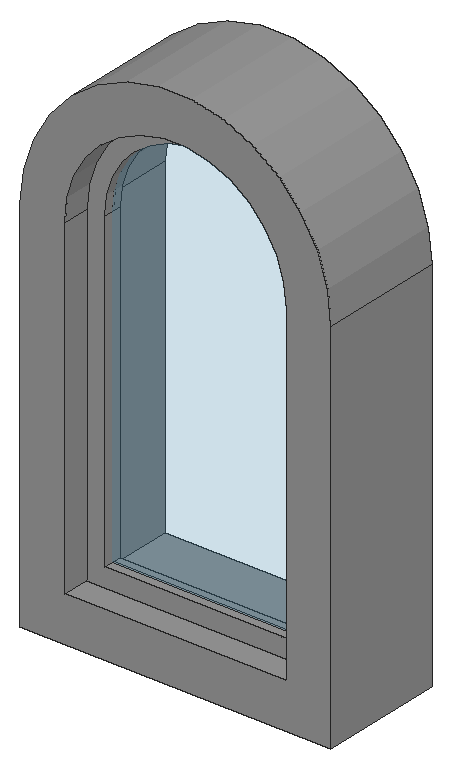
Revit family "UOT - Kamel - window - Arc and Rec", category Windows, host Wall, Revit 2013
Parameters (values of type "UOT - Kamel - window - Arc and Rec")
  Height = 1200 mm
  Default Sill Height = 900 mm
  Wall Closure = By host
  Width = 600 mm
  Analytic Construction = "<None>"
Types (2): name
  UOT - Kamel - window - Arc and Rec
  W3 - 1200 X 600 mm
Reference planes
  plane 1 "Center (Front/Back)": y = 0
  plane 2 "Center (Left/Right)": x = 0
  plane 3 "Left": x = -300
  plane 4 "Right": x = 300
  plane 5 "Sill": z = 900
  plane 6 "Head": z = 2100
  plane 7 "Exterior": y = 100
  plane 8 "Interior": y = -100
Forms (mm)
  Extrusion 1, solid, material "Steel"
    sketch origin (0, -100, 0) x (1, 0, 0) y (0, 0, 1)
      loop
        line (-300, 1800) -> (-300, 900) -> (300, 900) -> (300, 1800)
        arc (300, 1800) -> (0, 2100) -> (-300, 1800) r 300
    from -125 to -75
  Extrusion 2, void
    sketch origin (0, -25, 0) x (-1, 0, 0) y (0, 0, 1)
      loop
        line (-250, 1800) -> (-250, 950) -> (250, 950) -> (250, 1800)
        arc (250, 1800) -> (0, 2050) -> (-250, 1800) r 250
    from 0 to 250
  Extrusion 3, solid, material "Glass"
    sketch origin (0, -25, 0) x (1, 0, 0) y (0, 0, 1)
      loop
        line (-250, 1800) -> (-250, 950) -> (250, 950) -> (250, 1800)
        arc (250, 1800) -> (0, 2050) -> (-250, 1800) r 250
    from -28 to -22
  Extrusion 4, solid, material "Concrete, Precast"
    sketch origin (-5000, 100, 0) x (-1, 0, 0) y (0, 0, 1)
      loop
        line (-5420, 780) -> (-4580, 780) -> (-4580, 1800)
        arc (-4580, 1800) -> (-5000, 2220) -> (-5420, 1800) r 420
        line (-5420, 1800) -> (-5420, 780)
      loop
        line (-5300, 900) -> (-4700, 900) -> (-4700, 1800)
        arc (-4700, 1800) -> (-5000, 2100) -> (-5300, 1800) r 300
        line (-5300, 1800) -> (-5300, 900)
    from -200 to 140
Cuts and joins
  Extrusion 2 cuts Extrusion 1
Lines and regions (mm)
  Opening 1
    outline origin (-5000, -100, 0) x (1, 0, 0) y (0, 0, 1)
      loop
        arc (5300, 1800) -> (5000, 2100) -> (4700, 1800) r 300
        line (4700, 1800) -> (4700, 900) -> (5300, 900) -> (5300, 1800)
  symbolic lines, style "Elevation Swing"
    curve 1: line (250, -25, 1800) -> (-250, -25, 1375)
    curve 2: line (-250, -25, 1375) -> (250, -25, 950)
  model lines
    curve 3: line (420, 100, 780) -> (420, 100, 1800)
    curve 4: line (-420, 100, 780) -> (420, 100, 780)
    curve 5: line (-420, 100, 1800) -> (-420, 100, 780)
    curve 6: arc (-420, 100, 1800) -> (0, 100, 2220) -> (420, 100, 1800) r 420
Text (mm)
  text "EXTERIOR" at (-1963.203, 1332.353, 0), in view "Ref. Level"
  text "INTERIOR" at (-1981.466, -818.386, 0), in view "Ref. Level"
  text "Exterior" at (0, 923.751, 2943.296), in view "Right"
  text "Exterior" at (0, 1040.484, 2685.409), in view "Left"
Dimensions and locks
  equal spacing: plane 3 "Left", plane 2 "Center (Left/Right)", plane 4 "Right"
  "Width": plane 3 "Left" to plane 4 "Right"
  "Height": plane 5 "Sill" to plane 6 "Head"
  "Default Sill Height": plane 5 "Sill" to level
  locked: plane 7 "Exterior" to host wall at 0
  locked: plane 8 "Interior" to host wall
  aligned and locked: plane 4 "Right" to Opening 1 sketch curve
  aligned and locked: Opening 1 sketch curve to plane 5 "Sill"
  aligned and locked: Opening 1 sketch curve to plane 3 "Left"
  aligned and locked: Extrusion 1 sketch curve to host wall  (x3)
  aligned and locked: Extrusion 3 sketch curve to cut or joined group of Extrusion 1, Extrusion 2  (x3)
Automatic sketch dimensions
  plane 6 "Head" to Opening 1 sketch curve = 300 mm
  Extrusion 1 to Extrusion 2 sketch curve = 50 mm
  curve 2 to Extrusion 1 = 50 mm  (x3)
  curve 1 to Extrusion 1 = 475 mm
  curve 1 to Extrusion 1 = 50 mm
  curve 1 to Extrusion 1 = 900 mm
  plane 5 "Sill" to curve 4 = 120 mm
  plane 2 "Center (Left/Right)" to curve 6 = 0 mm
  plane 3 "Left" to curve 4 = 120 mm
  plane 6 "Head" to curve 5 = 300 mm
  Extrusion 4 sketch curve to plane 4 "Right" = 120 mm
  plane 6 "Head" to Extrusion 4 sketch curve = 300 mm
  plane 2 "Center (Left/Right)" to Extrusion 4 sketch curve = 0 mm
  plane 5 "Sill" to Extrusion 4 sketch curve = 120 mm
  Extrusion 4 sketch curve to plane 5 "Sill" = 0 mm
  plane 3 "Left" to Extrusion 4 sketch curve = 0 mm
  Extrusion 4 sketch curve to Extrusion 4 sketch curve = 0 mm  (x2)
